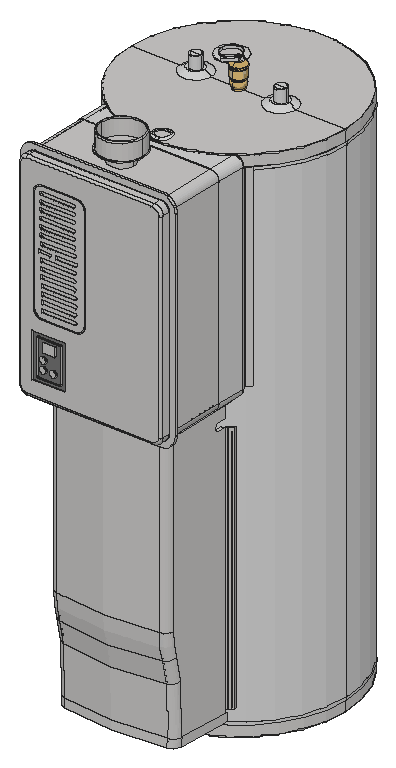
Revit family "Water_Heater-Rinnai-Hybrid_Tank-Tankless-RH180", category Mechanical Equipment, Revit 2012 (continued)
Definition of nested family "RH180"
  Automatic sketch dimensions
    curve 556 to curve 552 = 0.13487"
    plane 10 to curve 522 = 0.29203"
    curve 534 to curve 528 = 0.07976"
    curve 530 to curve 531 = 0.10528"
    curve 530 to curve 530 = 0.01695"
    curve 493 to curve 517 = 0.25737"
    curve 488 to curve 522 = 0.23277"
    curve 519 to curve 517 = 0.28863"
    curve 516 to curve 516 = 0.07452"
    curve 519 to curve 519 = 0.09125"
    curve 522 to curve 492 = 0.1019"
    curve 515 to curve 516 = 0.05867"
    curve 521 to curve 518 = 0.06337"
    curve 498 to curve 520 = 0.0013"
    curve 526 to curve 530 = 0.26342"
    curve 498 to curve 528 = 0.00261"
    curve 525 to curve 528 = 0.00631"
    curve 535 to curve 526 = 0.03614"
    curve 564 to curve 558 = 0"
    curve 503 to curve 523 = 0.03494"
    curve 559 to curve 558 = 0.02213"
    curve 504 to curve 498 = 0.08711"
    curve 490 to curve 522 = 0.16185"
    curve 547 to curve 559 = 0.06569"
    curve 548 to curve 547 = 0.00027"
    curve 548 to curve 548 = 0.01939"
    curve 546 to plane 4 = 0.16956"
    curve 546 to curve 558 = 0.02213"
    curve 551 to curve 548 = 0.00278"
    curve 564 to curve 546 = 0.08712"
    curve 563 to curve 564 = 0.02213"
    curve 561 to curve 563 = 0.06569"
    curve 551 to curve 561 = 0.00027"
    curve 549 to curve 551 = 0.00274"
    curve 563 to curve 560 = 0.02213"
    curve 550 to curve 562 = 0.00027"
    curve 489 to curve 486 = 0.63435"
    plane 1 "Center (Front/Back)" to curve 427 = 2.03838"
    curve 428 to curve 427 = 0.1585"
    curve 431 to curve 428 = 0.24711"
    curve 427 to curve 431 = 0.0778"
    curve 426 to curve 427 = 0"  (x2)
    curve 433 to curve 427 = 0.06325"
    level to curve 380 = 0.06638"
    curve 380 to curve 427 = 0.62177"
    curve 439 to curve 433 = 0.1095"
    curve 442 to curve 439 = 0"
    curve 431 to curve 439 = 0.00278"
    curve 438 to curve 431 = 0.01221"
    curve 432 to curve 438 = 0.00594"
    curve 438 to curve 431 = 0.03232"
    curve 437 to plane 9 = 1.59894"
    curve 437 to curve 432 = 0.0168"
    curve 434 to plane 9 = 1.11938"
    curve 434 to curve 433 = 0.16498"
    curve 454 to curve 434 = 0.04845"
    curve 459 to plane 9 = 0.56623"
    curve 459 to curve 454 = 0.00201"
    curve 443 to curve 434 = 0.05804"
    curve 430 to curve 438 = 0.07841"
    curve 431 to curve 430 = 0"
    curve 429 to curve 443 = 0"
    curve 428 to curve 430 = 0"  (x2)
    curve 448 to curve 443 = 0.009"
    curve 444 to curve 448 = 0"  (x2)
    curve 440 to curve 448 = 0"
    curve 437 to plane 9 = 1.40738"
    curve 437 to curve 431 = 0.00988"
    curve 429 to curve 459 = 0.02936"
    curve 459 to plane 9 = 0.36976"
    curve 459 to curve 429 = 0.06136"
    curve 433 to curve 430 = 0.09231"
    curve 434 to plane 9 = 0.84827"
    curve 434 to curve 433 = 0.00243"
    curve 428 to curve 428 = 0.09543"
    curve 433 to curve 430 = 0.14105"
    curve 432 to curve 433 = 0"
    curve 448 to curve 428 = 0.10003"
    curve 426 to curve 459 = 0.11402"
    curve 450 to curve 440 = 0.04217"
    curve 449 to curve 450 = 0"  (x2)
    curve 438 to curve 433 = 0.12142"
    curve 458 to curve 459 = 0.20423"
    curve 442 to curve 438 = 0.03495"
    curve 439 to curve 442 = 0"  (x2)
    curve 447 to plane 9 = 1.94961"
    curve 447 to curve 449 = 0.06291"
    curve 451 to curve 445 = 0"  (x2)
    curve 436 to curve 433 = 0.16269"
    curve 449 to curve 451 = 0.03702"
    curve 448 to curve 449 = 0.0425"
    curve 440 to curve 447 = 0.11941"
    curve 448 to curve 440 = 0"
    curve 454 to curve 434 = 0.34202"
    curve 455 to curve 454 = 0"  (x2)
    curve 438 to curve 436 = 0.14495"
    curve 445 to curve 444 = 0.03792"
    curve 449 to curve 451 = 0"
    curve 450 to curve 449 = 0"
    curve 435 to plane 9 = 1.26147"
    curve 435 to curve 438 = 0.04843"
    curve 442 to curve 435 = 0.0248"
    curve 422 to curve 456 = 0.23804"
    curve 447 to curve 448 = 0.14967"
    curve 452 to curve 447 = 0"
    curve 453 to curve 452 = 0"
    curve 427 to curve 447 = 0.01036"
    curve 456 to curve 454 = 0.10607"
    curve 458 to curve 456 = 0"
    curve 451 to curve 440 = 0.12387"
    plane 1 "Center (Front/Back)" to curve 567 = 3.35201"
    curve 426 to curve 422 = 0.03804"
    plane 1 "Center (Front/Back)" to curve 374 = 3.37282"
    curve 418 to curve 377 = 0"
    curve 435 to plane 9 = 1.11987"
    curve 435 to curve 439 = 0.055"
    curve 449 to curve 445 = 0.03436"
    curve 443 to curve 435 = 0.01743"
    curve 453 to curve 427 = 0.06103"
    curve 443 to curve 439 = 0.08915"
    curve 446 to plane 9 = 1.74562"
    curve 446 to curve 451 = 0.07139"
    curve 451 to curve 446 = 0.00439"
    curve 444 to curve 443 = 0.03337"
    curve 417 to curve 418 = 0.08473"
    curve 450 to curve 451 = 0.0592"
    curve 454 to curve 443 = 0.08934"
    curve 453 to curve 452 = 11/128"
    curve 452 to curve 453 = 0"
    curve 441 to plane 9 = 1.33373"
    curve 441 to curve 443 = 0.09731"
    curve 444 to curve 450 = 0.0385"
    curve 442 to curve 441 = 0.01147"
    curve 452 to curve 452 = 11/128"
    curve 458 to curve 454 = 0.1146"
    curve 441 to plane 9 = 1.52273"
    curve 441 to curve 442 = 0.11105"
    curve 446 to plane 9 = 2.09918"
    curve 446 to curve 453 = 0.07139"
    curve 457 to plane 9 = 1.06141"
    curve 457 to curve 456 = 0.07283"
    curve 454 to curve 457 = 0.00535"
    curve 455 to curve 454 = 0.00664"
    curve 457 to plane 9 = 0.88205"
    curve 457 to curve 455 = 0.10908"
    curve 458 to curve 457 = 0.00553"
    curve 456 to curve 458 = 0"
    curve 387 to curve 417 = 0.47283"
    curve 413 to curve 417 = 0.47283"
    curve 414 to curve 413 = 0.16064"
    curve 461 to curve 441 = 0.67835"
    curve 463 to curve 462 = 0.13918"
    curve 461 to curve 463 = 0.24866"
    curve 464 to curve 461 = 0.07316"
    curve 466 to curve 412 = 0.84792"
    curve 424 to plane 9 = 0.20517"
    curve 424 to curve 460 = 0"
    curve 475 to curve 467 = 0.75207"
    level to curve 421 = 0.09674"
    curve 421 to curve 424 = 1.41291"
    curve 386 to curve 387 = 2.26242"
    curve 419 to curve 422 = 0.00706"
    curve 385 to curve 386 = 0.02879"
    curve 422 to curve 419 = 0.00756"
    curve 390 to curve 385 = 0.63067"
    curve 395 to curve 387 = 0.97643"
    curve 402 to plane 4 = 0.15586"
    curve 402 to curve 394 = 0.12242"
    curve 402 to plane 4 = 0.03775"
    curve 402 to curve 398 = 0.04067"
    curve 392 to curve 399 = 0.8166"
    curve 466 to plane 8 = 3.07121"
    curve 425 to plane 8 = 2.72581"
    curve 568 to curve 425 = 0.019"
    curve 391 to curve 392 = 2.28344"
    curve 460 to plane 9 = 1.30269"
    curve 460 to curve 425 = 0.03462"
    level to curve 424 = 1.61312"
    curve 567 to plane 8 = 2.07425"
    curve 400 to curve 391 = 0.77593"
    curve 397 to curve 400 = 0.04067"
    curve 396 to curve 397 = 0.12242"
    curve 477 to curve 466 = 1.31138"
    curve 469 to curve 473 = 0.10934"
    curve 473 to curve 469 = 0.02108"
    curve 473 to curve 473 = 0.15147"
    curve 409 to curve 393 = 0.43689"
    curve 470 to curve 412 = 0.01203"
    curve 410 to curve 408 = 0.19685"
    curve 404 to curve 390 = 0.27559"
    curve 405 to plane 8 = 0.27536"
    curve 405 to curve 405 = 0.08496"
    curve 568 to plane 9 = 3.46135"
    plane 8 to curve 568 = 14.89052"
    plane 7 to curve 374 = 1/128"
    curve 419 to curve 382 = 0"
    curve 565 to curve 381 = 0.00792"
    curve 422 to curve 426 = 0.07238"
    curve 459 to curve 454 = 0.00459"
    curve 456 to curve 455 = 0.18822"
    curve 430 to curve 434 = 0.02159"
    curve 433 to curve 434 = 0.01729"
    curve 443 to curve 435 = 0.00211"
    curve 439 to curve 435 = 0.00763"
    curve 436 to curve 435 = 0.00252"
    curve 439 to curve 443 = 0.03564"
    curve 433 to curve 437 = 0.10256"
    curve 432 to curve 430 = 0"
    curve 432 to curve 427 = 0"
    curve 443 to curve 428 = 0"
    curve 442 to curve 444 = 0.08757"
    curve 460 to curve 463 = 0.45455"
    curve 449 to curve 446 = 0.0836"
    curve 432 to curve 438 = 0.01832"
    curve 450 to curve 451 = 0.05301"
    curve 431 to curve 438 = 0.00688"
    curve 448 to curve 444 = 0"
    curve 440 to curve 444 = 0"
    curve 451 to curve 450 = 0.05414"
    curve 453 to curve 446 = 0.03059"
    curve 428 to curve 443 = 0.00984"
    curve 425 to curve 465 = 1.64793"
    curve 567 to curve 464 = 14.38164"
    curve 476 to curve 475 = 3/8"
    curve 475 to curve 408 = 1.21456"
    curve 408 to curve 473 = 0.26044"
    curve 466 to curve 471 = 0.12531"
    curve 412 to curve 407 = 0.05609"
    curve 468 to curve 389 = 0.35962"
    curve 412 to curve 415 = 0.94235"
    curve 375 to curve 384 = 1.24365"
    curve 373 to curve 376 = 0.23018"
    curve 376 to curve 377 = 0.0427"
    curve 377 to curve 418 = 0.02133"
    curve 405 to plane 4 = 2.79722"
    curve 404 to curve 390 = 0.01703"
    curve 385 to curve 385 = 0.03262"
    curve 483 to curve 484 = 0.03758"
    curve 483 to curve 483 = 0.05276"
    curve 478 to curve 480 = 0.14702"
    curve 488 to curve 522 = 5/16"
    curve 491 to curve 510 = 0.09728"
    curve 492 to curve 522 = 0.09728"
    curve 404 to curve 410 = 0.59183"
    curve 510 to curve 509 = 0.04233"
    curve 522 to curve 517 = 0.0575"
    curve 508 to curve 507 = 0.06267"
    curve 517 to curve 516 = 0.0564"
    curve 387 to curve 393 = 0.98501"
    curve 393 to curve 394 = 0.0579"
    curve 506 to curve 512 = 0.11523"
    curve 517 to curve 520 = 0.11523"
    curve 498 to curve 520 = 0"
    curve 527 to curve 517 = 0.17203"
    curve 517 to curve 492 = 0.24659"
    curve 492 to curve 496 = 1/32"
    curve 491 to curve 505 = 0.25324"
    curve 492 to curve 504 = 0.2719"
    curve 500 to curve 501 = 0.09363"
    curve 501 to curve 523 = 0.06051"
    curve 523 to curve 528 = 0.04657"
    curve 531 to curve 533 = 0.031"
    curve 535 to curve 559 = 0.12413"
    curve 563 to curve 564 = 0"
    curve 540 to curve 544 = 0.12023"
    curve 563 to curve 561 = 0.12413"
    curve 562 to curve 560 = 0"
    curve 559 to curve 558 = 0"
    curve 545 to curve 541 = 0.045"
    curve 541 to curve 536 = 0.00556"
    curve 541 to curve 545 = 0.01222"
    curve 553 to curve 556 = 0.01505"
    plane 4 to curve 561 = 0.03932"
    curve 562 to curve 561 = 0"
    curve 554 to curve 547 = 0.02597"
    curve 556 to curve 555 = 0.012"
    curve 555 to curve 555 = 1/128"
    curve 547 to curve 548 = 0.01456"
    curve 562 to curve 550 = 0.01456"
    curve 555 to curve 553 = 0.01966"
    curve 550 to curve 551 = 0.01243"
    curve 555 to curve 538 = 0.06449"
    Revolve 23 sketch curve to plane 9 = 0.93344"
    Revolve 23 sketch curve to plane 9 = 1.1361"
    Revolve 23 sketch curve to Revolve 23 sketch curve = 0.20265"
    Revolve 23 sketch curve to plane 9 = 1.04795"
    Revolve 23 sketch curve to Revolve 23 sketch curve = 0.06868"
    Revolve 23 sketch curve to plane 9 = 0.58919"  (x2)
    Revolve 23 sketch curve to Revolve 23 sketch curve = 0.1052"
    Revolve 23 sketch curve to Revolve 23 sketch curve = 0"
    Revolve 23 sketch curve to Revolve 23 sketch curve = 0.13735"
    Revolve 23 sketch curve to plane 9 = 0.93991"
    Revolve 23 sketch curve to Revolve 23 sketch curve = 0.27272"
    Revolve 23 sketch curve to plane 9 = 1.60855"
    Revolve 23 sketch curve to Revolve 23 sketch curve = 0.36664"
    Revolve 23 sketch curve to Revolve 23 sketch curve = 0.12011"
    radius of Sweep 1 sketch curve = 10.05233"
    radius of Extrusion 29 sketch curve = 0.78245"  (x3)
    radius of Extrusion 33 sketch curve = 0.28"  (x3)
    radius of Extrusion 42 sketch curve = 9.97939"
    radius of Sweep 4 sketch curve = 2.12822"
    radius of Sweep 13 to Extrusion 17 sketch curve = 0.00038"
    radius of Sweep 13 to Extrusion 17 sketch curve = 0"
    radius of curve 320 = 0.28"
    radius of curve 321 = 0.28"
    radius of curve 322 = 0.28"
    radius of curve 2 = 1.36998"
    radius of curve 3 = 0.95001"
    radius of curve 4 = 0.90679"
    radius of curve 5 = 1.4156"
    radius of curve 6 = 25/32"
    radius of curve 7 = 0.51753"
    radius of curve 8 = 0.48624"
    radius of curve 9 = 1.4156"
    radius of curve 10 = 25/32"
    radius of curve 11 = 0.51753"
    radius of curve 12 = 0.48624"
    radius of curve 13 = 0.7319"
    radius of curve 28 = 0.03722"
    radius of curve 40 = 0.85651"
    radius of curve 41 = 0.67882"
    radius of curve 42 = 0.62849"
    radius of curve 63 = 2.08074"
    radius of curve 64 = 1.95831"
    radius of curve 65 = 1.91764"
    radius of curve 66 = 1.88046"
    radius of curve 67 = 1.10656"
